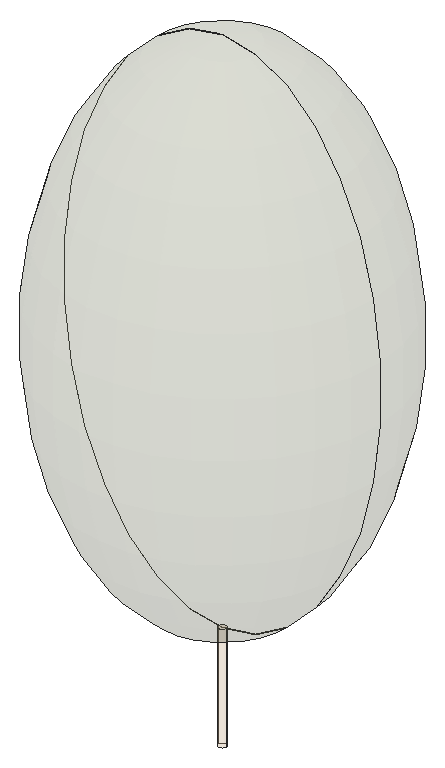
Revit family
Parameters
  Trunk Radius [instance] = 75 mm
  Height = 8000 mm
  Keynote = "Q31"
  Foliage Radius [instance] = 3000 mm
  Foliage Height [instance] = 10000 mm
  Foliage Diameter [instance] = Foliage Radius * 2  # 6000 mm
Reference planes
  plane 1 "Center (Front/Back)": y = 0
  plane 2: z = 0
  plane 3 "Center (Left/Right)": x = 0
Forms (mm)
  Extrusion 1, solid, material "Planting - Tree Trunk"
    sketch origin (0, 0, 0) x (1, 0, 0) y (0, 1, 0)
      loop
        circle (0, 0) r 75
    from 0 to 2000
  Revolve 2, solid, material "Planting - Foliage"
    sketch origin (0, 0, 0) x (1, 0, 0) y (0, 0, 1)
      loop
        spline (0, 11990) -> (-776.457, 11819.629) -> (-1500, 11320.127) -> (-2121.32, 10525.534) -> (-2598.076, 9490) -> (-2897.777, 8284.095) -> (-3000, 6990) -> (-2897.777, 5695.905) -> (-2598.076, 4490) -> (-2121.32, 3454.466) -> (-1500, 2659.873) -> (-776.457, 2160.371) -> (0, 1990)
        line (0, 1990) -> (0, 11990)
      axis (0, 11990) -> (0, 1990)
    angle from 0 to 360
Dimensions and locks
  locked: Extrusion 1 to level at 2000
  "Foliage Height": Revolve 2 sketch curve to Revolve 2 sketch curve
  "Foliage Radius": plane 3 "Center (Left/Right)" to Revolve 2 sketch curve
  locked: Extrusion 1 to Revolve 2 sketch curve at 10
  "Trunk Radius": radius of Extrusion 1 sketch curve
Automatic sketch dimensions
  Extrusion 1 sketch curve to plane 1 "Center (Front/Back)" = 0 mm
  Extrusion 1 sketch curve to plane 3 "Center (Left/Right)" = 0 mm
  Revolve 2 sketch curve to plane 3 "Center (Left/Right)" = 0 mm  (x2)
  Revolve 2 sketch curve to Revolve 2 sketch curve = 391.939 mm
  Revolve 2 sketch curve to Revolve 2 sketch curve = 0 mm
